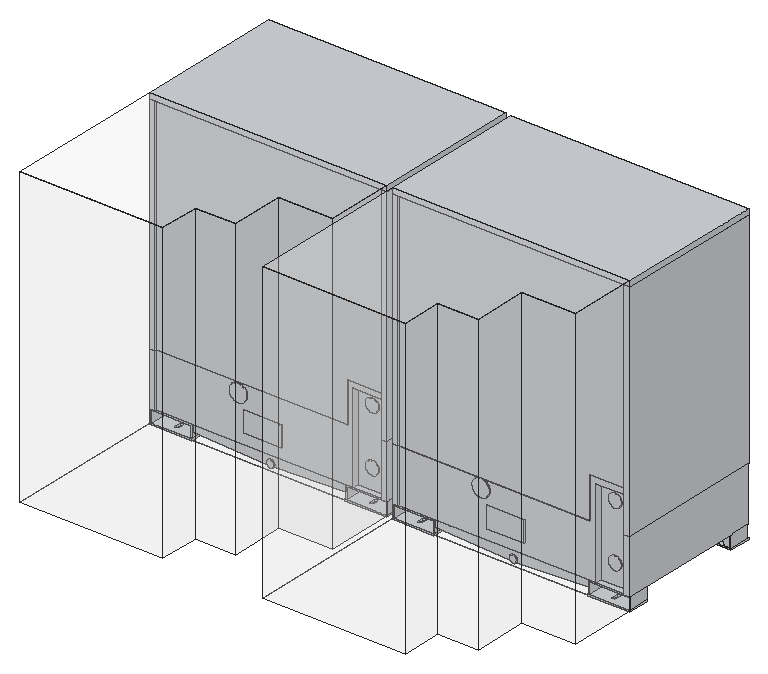
Revit family "pqry-p224_1000(s)dmg5_50Hz", category 機械設備, Revit 2019
Family settings
  丸型コネクタ寸法 = 直径を使用
  パーツ タイプ = 標準
  OmniClass 番号 = 23.75.10.24.21.27.27
  OmniClass タイトル = Split System Air Conditioning Units
  作業面ベース = いいえ
  常に垂直 = はい
  ロード時にボイドで切り取り = いいえ
  共有 = いいえ
  部屋計算ポイント = いいえ
Parameters (values of type "PQRY-P670SDMG5")
  音響パワーレベル(dB) = 75.5
  電源種別 = ""
  電源径 = 65.00 mm  # constant formula
  電圧 = 200 V
  電動機出力_送風機 = 0 kW
  電動機出力_圧縮機 = 15.8 kW
  集中コントローラ [instance] = ""
  運転質量 = 360.00 kg
  運転方法 = "冷暖切替"
  質量 = 0.00 kg
  負荷分類 = 1_熱源類
  説明 = "ビル用マルチエアコン 室外ユニット シティマルチWR2 Eeco"
  設計暖房能力 [instance] = 0 kW
  設計冷房能力_顕熱 [instance] = 0 kW
  設計冷房能力 [instance] = 0 kW
  設置方法 = "床置形"
  記号 [instance] = ""
  製造元 = "三菱電機株式会社"
  製品質量 = 350.00 kg
  製品出荷対象 = "国内"
  製品リリース年月 = "2017年8月1日"
  製品グループ = ""
  系統 [instance] = ""
  符号 = "EHP"
  積算_科目 = "1 空気調和設備"
  積算_拾い区分 [instance] = ""
  相 = 3
  盤記号 [instance] = ""
  発停方法 = "付属スイッチ"
  特殊仕様 [instance] = ""
  熱源水量 = 11.52 m³/h
  熱源水管径 = 40.00 mm
  熱源水入口温度_暖房 = 30
  熱源水入口温度_冷房 = 20
  消費電力_暖房 = 13.79 kW
  消費電力_冷房 = 16.34 kW
  消費電力 = if(消費電力_冷房 > 消費電力_暖房, 消費電力_冷房, 消費電力_暖房)  # 16.34 kW
  法定耐用年数 = "15"
  水配管出口径 = 水配管入口径  # 48.60 mm
  水配管入口径 = 48.60 mm  # constant formula
  水熱交換機器　保有水量 = 10
  機械基礎質量 [instance] = 0.00 kg
  機械基礎_W = 0.00 mm
  機械基礎_H = 0.00 mm
  機械基礎_D = 0.00 mm
  機械基礎 [instance] = no
  極数 = 3
  材質 [instance] = ""
  本体マテリアル = none
  最小電線太さ_mm2 = 38
  最大電流値 = 0 A
  暖房能力 = 77.5 kW
  損失水頭_熱源水一次側 = 24000.0 Pa
  推奨ブレーカー容量 = 0 A
  形式 = "マルチパッケージ形 室外機"
  冷媒液管径 = 25.40 mm
  冷媒ガス管径 = 31.75 mm
  ユニット2 = PQRY-P-DMG① : PQRY-P335DMG5
  幹線記号 [instance] = ""
  始動方式 = "直入"
  呼称 = "マルチパッケージ形空気調和機"
  周波数 = 50 Hz
  参照している仕様書等のバージョン = "公共建築工事標準仕様書（機械設備工事編）平成31年度版"
  分類コード = "50053003300020"
  分類グループ = ""
  冷房能力 = 67 kW
  冷媒管長 [instance] = 0.00 mm
  冷媒管径符号 = "Gi"
  冷媒管径 = 100.00 mm  # constant formula
  価格 = 0
  企業コード = "108420"
  付属品 [instance] = ""
  仕様書バージョン = "Version1.0"
  ユニット数 = 2
  ユニット2電源高さ = ユニット1電源高さ  # 216.00 mm
  ユニット2電源幅 = ユニット1電源幅  # 555.00 mm
  ユニット2ダクト左位置 = ユニット1ダクト左位置  # 394.00 mm
  ユニット2ダクト下位置 = ユニット1ダクト下位置  # 89.00 mm
  ユニット2水配管出口高さ = ユニット1水配管出口高さ  # 208.00 mm
  ユニット2水配管出口幅 = ユニット1水配管出口幅  # 77.00 mm
  ユニット2水配管入口高さ = ユニット1水配管入口高さ  # 124.00 mm
  ユニット2水配管入口幅 = ユニット1水配管入口幅  # 77.00 mm
  ユニット2冷媒高圧径 = 19.05 mm
  ユニット2冷媒管高さ = ユニット1冷媒管高さ  # 185.00 mm
  ユニット2冷媒管幅 = ユニット1冷媒管幅  # 463.50 mm
  ユニット2冷媒管奥行き = ユニット1冷媒管奥行き  # 91.00 mm
  ユニット2冷媒低圧径 = 22.20 mm
  ユニット2ドレン高さ = ユニット1ドレン高さ  # 23.00 mm
  ユニット2ドレン幅 = ユニット1ドレン幅  # 435.00 mm
  ユニット2表示 = yes
  ユニット1 = PQRY-P-DMG① : PQRY-P335DMG5
  ユニット1電源高さ = 216.00 mm
  ユニット1電源幅 = 555.00 mm
  ユニット1ダクト左位置 = 394.00 mm
  ユニット1ダクト下位置 = 89.00 mm  # constant formula
  ユニット1水配管出口高さ = 208.00 mm
  ユニット1水配管出口幅 = ユニット1水配管入口幅  # 77.00 mm
  ユニット1水配管入口高さ = 124.00 mm
  ユニット1水配管入口幅 = 77.00 mm
  ユニット1冷媒高圧径 = 19.05 mm
  ユニット1冷媒管高さ = 185.00 mm
  ユニット1冷媒管幅 = 463.50 mm
  ユニット1冷媒管奥行き = 91.00 mm
  ユニット1冷媒低圧径 = 22.20 mm
  ユニット1ドレン高さ = 23.00 mm  # constant formula
  ユニット1ドレン幅 = 435.00 mm
  モデル = "PQRY-P670SDMG5"
  ドレン管径 = 27.20 mm  # constant formula
  ダクト高 = 77 mm  # constant formula
  ダクト幅 = 140 mm  # constant formula
  サービススペース = yes
  ユニット間隔 = 20.00 mm  # constant formula
  コメント [instance] = ""
  Keynote = ""
  Width = 880.00 mm
  Version = ""
  Uniclass2015Version = "Systems v1.9"
  Uniclass2015Title = "Split coil remote air cooled condensing units"
  Uniclass2015Code = "Pr_70_65_03_84"
  URL = "https://www.mitsubishielectric.co.jp/ldg/wink/ssl/displayProduct.do?pid=281546"
  SpecificationReference = ""
  SpecificationDescription = ""
  Revision = ""
  ProductInformation = ""
  OmniClassCode = "23-33 17 13 11"
  MAX風量 = 0 m³/h
  IfcTypeProduct = ""
  IfcProduct = ""
  IfcExportType = "AIRCONDITIONINGUNIT"
  IfcExportAs = "IfcUnitaryEquipmentType"
  Height = 1100.00 mm
  Depth = 550.00 mm
  Clearance Top = 0.00 mm
  Clearance Right = 0.00 mm
  Clearance Left = 0.00 mm
  Clearance Front = 600.00 mm
  Clearance Back = 0.00 mm
  COP = 0
  Author = "三菱電機株式会社"
  APF = 0
Reference planes
  plane 1: z = 0
  plane 2: z = 1100
  plane 3: z = 1100
  plane 4 "中心(正面/背面)": y = 275
  plane 5 "中心(左/右)": x = 1340
  plane 6 "左": x = 0
  plane 7 "正面": y = 0
  plane 8 "背面": y = 550
  plane 9: x = 880
  plane 10: x = 900
  plane 11: x = 1780
  plane 12: y = -150
  plane 13: y = 550
  plane 14: y = -600
  plane 15: x = 0
  plane 16: x = 1780
  plane 17: x = 440
  plane 18: y = 5
  plane 19: y = 4
  plane 20: y = 29
  plane 21: y = 28
  plane 22: x = 1703
  plane 23: x = 803
  plane 24: z = 332
  plane 25: z = 124
  plane 26: z = 124
  plane 27: z = 332
  plane 28: x = 445
  plane 29: x = 1345
  plane 30: z = 23
  plane 31: z = 23
  plane 32: x = 325
  plane 33: x = 1225
  plane 34: z = 216
  plane 35: z = 216
  plane 36: x = 486
  plane 37: x = 346
  plane 38: x = 1386
  plane 39: x = 1246
  plane 40: z = 166
  plane 41: z = 89
  plane 42: z = 166
  plane 43: z = 89
  plane 44: x = 416.5
  plane 45: x = 1316.5
  plane 46: y = 91
  plane 47: y = 91
  plane 48: z = 185
  plane 49: z = 186
  plane 50: z = 185
  plane 51: z = 186
Forms (mm)
  Extrusion 1, solid, detail levels fine
    sketch origin (0, 275, 0) x (1, 0, 0) y (0, 0, 1)
      loop
        circle (803, 332) r 24.3
      loop
        circle (803, 124) r 24.3
    from 246 to 247
  Extrusion 2, solid, visible <- "ユニット2表示", detail levels fine
    sketch origin (0, 275, 0) x (1, 0, 0) y (0, 0, 1)
      loop
        circle (1703, 332) r 24.3
      loop
        circle (1703, 124) r 24.3
    from 246 to 247
  Extrusion 3, solid, detail levels fine
    sketch origin (0, 275, 0) x (1, 0, 0) y (0, 0, 1)
      loop
        circle (445, 23) r 13.6
    from 270 to 271
  Extrusion 4, solid, visible <- "ユニット2表示", detail levels fine
    sketch origin (0, 275, 0) x (1, 0, 0) y (0, 0, 1)
      loop
        circle (1345, 23) r 13.6
    from 270 to 271
  Extrusion 5, solid, visible <- "ユニット2表示", detail levels fine
    sketch origin (0, 275, 0) x (1, 0, 0) y (0, 0, 1)
      loop
        circle (1225, 216) r 32.5
    from 270 to 271
  Extrusion 6, solid, detail levels fine
    sketch origin (0, 275, 0) x (1, 0, 0) y (0, 0, 1)
      loop
        circle (325, 216) r 32.5
    from 270 to 271
  Extrusion 7, solid, visible <- "ユニット2表示", detail levels fine
    sketch origin (0, 275, 0) x (1, 0, 0) y (0, 0, 1)
      loop
        line (1246, 166) -> (1246, 89) -> (1386, 89) -> (1386, 166) -> (1246, 166)
    from 270 to 271
  Extrusion 8, solid, detail levels fine
    sketch origin (0, 275, 0) x (1, 0, 0) y (0, 0, 1)
      loop
        line (346, 89) -> (486, 89) -> (486, 166) -> (346, 166) -> (346, 89)
    from 270 to 271
  Extrusion 9, solid, detail levels fine
    sketch origin (0, 0, 0) x (1, 0, 0) y (0, 1, 0)
      loop
        circle (416.5, 91) r 50
    from 185 to 186
  Extrusion 10, solid, visible <- "ユニット2表示", detail levels fine
    sketch origin (0, 0, 0) x (1, 0, 0) y (0, 1, 0)
      loop
        circle (1316.5, 91) r 50
    from 185 to 186
Dimensions and locks
  "Clearance Top": plane 3 to plane 2
  equal spacing: plane 7 "正面", plane 4 "中心(正面/背面)", plane 8 "背面"
  "Width": plane 6 "左" to plane 9
  "Width": plane 10 to plane 11
  "ユニット間隔": plane 9 to plane 10
  "Clearance Back": plane 13 to plane 8 "背面"
  "Clearance Front": plane 14 to plane 7 "正面"
  "Clearance Left": plane 15 to plane 6 "左"
  "Depth": plane 7 "正面" to plane 8 "背面"
  equal spacing: plane 6 "左", plane 17, plane 9
  equal spacing: plane 10, plane 5 "中心(左/右)", plane 11
  "Clearance Right": plane 11 to plane 16
  "Height": plane 2 to level
  locked: plane 19 to plane 18 at 1
  locked: plane 7 "正面" to plane 18 at 5
  locked: plane 21 to plane 20 at 1
  locked: plane 7 "正面" to plane 20 at 29
  "ユニット2水配管入口幅": plane 11 to plane 22
  "ユニット1水配管入口幅": plane 9 to plane 23
  "ユニット1水配管入口高さ": plane 25 to plane 1
  "ユニット1水配管出口高さ": plane 24 to plane 25
  "ユニット2水配管入口高さ": plane 26 to plane 1
  "ユニット2水配管出口高さ": plane 27 to plane 26
  "ユニット2ドレン高さ": plane 30 to plane 1
  "ユニット1ドレン幅": plane 9 to plane 28
  "ユニット2ドレン幅": plane 11 to plane 29
  "ユニット1ドレン高さ": plane 31 to plane 1
  "ユニット1電源高さ": plane 35 to plane 1
  "ユニット1電源幅": plane 9 to plane 32
  "ユニット2電源高さ": plane 34 to plane 1
  "ユニット2電源幅": plane 11 to plane 33
  "ユニット1ダクト左位置": plane 9 to plane 36
  "ダクト幅": plane 36 to plane 37
  "ユニット2ダクト左位置": plane 11 to plane 38
  "ダクト幅": plane 38 to plane 39
  "ユニット1ダクト下位置": plane 41 to plane 1
  "ダクト高": plane 42 to plane 43
  "ユニット2ダクト下位置": plane 43 to plane 1
  "ダクト高": plane 40 to plane 41
  "ユニット1冷媒管奥行き": plane 7 "正面" to plane 46
  "ユニット2冷媒管奥行き": plane 7 "正面" to plane 47
  "ユニット1冷媒管幅": plane 9 to plane 44
  "ユニット2冷媒管幅": plane 11 to plane 45
  locked: plane 49 to plane 48 at 1
  locked: plane 51 to plane 50 at 1
  "ユニット1冷媒管高さ": plane 48 to plane 1
  "ユニット2冷媒管高さ": plane 50 to plane 1
  "水配管出口径": diameter of Extrusion 1 sketch curve
  "水配管入口径": diameter of Extrusion 1 sketch curve
  "水配管出口径": diameter of Extrusion 2 sketch curve
  "水配管入口径": diameter of Extrusion 2 sketch curve
  "ドレン管径": diameter of Extrusion 3 sketch curve
  "ドレン管径": diameter of Extrusion 4 sketch curve
  "電源径": diameter of Extrusion 6 sketch curve
  "電源径": diameter of Extrusion 5 sketch curve
  "冷媒管径": diameter of Extrusion 9 sketch curve
  "冷媒管径": diameter of Extrusion 10 sketch curve
  aligned and locked: level to plane 1
  aligned and locked: nested 1 to plane 14
  aligned and locked: plane 15 to nested 1
  aligned and locked: plane 1 to nested 1
  aligned and locked: plane 3 to nested 1
  aligned and locked: plane 17 to nested 3
  aligned and locked: plane 5 "中心(左/右)" to nested 2
  aligned and locked: plane 4 "中心(正面/背面)" to nested 3
  aligned and locked: plane 4 "中心(正面/背面)" to nested 2
  aligned and locked: plane 7 "正面" to nested 1
  aligned and locked: plane 9 to nested 1
  aligned and locked: plane 10 to nested 4
  aligned and locked: nested 4 to plane 14
  aligned and locked: plane 16 to nested 4
  aligned and locked: plane 7 "正面" to nested 4
  aligned and locked: plane 3 to nested 4
  aligned and locked: plane 24 to Extrusion 1 sketch curve
  aligned and locked: plane 25 to Extrusion 1 sketch curve
  aligned and locked: plane 23 to Extrusion 1 sketch curve  (x2)
  aligned and locked: Extrusion 1 to plane 20
  aligned and locked: plane 21 to Extrusion 1
  aligned and locked: plane 27 to Extrusion 2 sketch curve
  aligned and locked: plane 22 to Extrusion 2 sketch curve  (x2)
  aligned and locked: plane 26 to Extrusion 2 sketch curve
  aligned and locked: Extrusion 2 to plane 20
  aligned and locked: plane 21 to Extrusion 2
  aligned and locked: plane 28 to Extrusion 3 sketch curve
  aligned and locked: plane 30 to Extrusion 4 sketch curve
  aligned and locked: plane 29 to Extrusion 4 sketch curve
  aligned and locked: Extrusion 4 to plane 18
  aligned and locked: plane 19 to Extrusion 4
  aligned and locked: plane 18 to Extrusion 3
  aligned and locked: plane 19 to Extrusion 3
  aligned and locked: plane 31 to Extrusion 3 sketch curve
  aligned and locked: plane 35 to Extrusion 6 sketch curve
  aligned and locked: plane 32 to Extrusion 6 sketch curve
  aligned and locked: plane 34 to Extrusion 5 sketch curve
  aligned and locked: plane 33 to Extrusion 5 sketch curve
  aligned and locked: Extrusion 6 to plane 18
  aligned and locked: plane 19 to Extrusion 6
  aligned and locked: Extrusion 5 to plane 18
  aligned and locked: plane 19 to Extrusion 5
  aligned and locked: Extrusion 7 sketch curve to plane 42
  aligned and locked: plane 39 to Extrusion 7 sketch curve
  aligned and locked: plane 43 to Extrusion 7 sketch curve
  aligned and locked: Extrusion 7 sketch curve to plane 38
  aligned and locked: Extrusion 7 to plane 18
  aligned and locked: plane 19 to Extrusion 7
  aligned and locked: Extrusion 8 sketch curve to plane 41
  aligned and locked: plane 37 to Extrusion 8 sketch curve
  aligned and locked: plane 40 to Extrusion 8 sketch curve
  aligned and locked: Extrusion 8 sketch curve to plane 36
  aligned and locked: Extrusion 8 to plane 18
  aligned and locked: plane 19 to Extrusion 8
  aligned and locked: plane 46 to Extrusion 9 sketch curve
  aligned and locked: plane 44 to Extrusion 9 sketch curve
  aligned and locked: plane 47 to Extrusion 10 sketch curve
  aligned and locked: plane 45 to Extrusion 10 sketch curve
  aligned and locked: plane 51 to Extrusion 10
  aligned and locked: Extrusion 10 to plane 50
  aligned and locked: plane 49 to Extrusion 9
  aligned and locked: Extrusion 9 to plane 48
Nested families
  nested 1: "サービススペース(pqry-p)" at (440, -300, 550), type "サービススペース(pqry-p)"
    with 表示 yes, Width 880.00 mm, Height 1100.00 mm, Depth 600.00 mm
  nested 2: "PQRY-P-DMG①" at (1340, 275, 0), type <- "ユニット2", ⑥水配管-径 <- "水配管入口径", ⑥水配管-H <- "ユニット2水配管入口高さ", ⑥水配管-W <- "ユニット2水配管出口幅", ⑦水配管-H <- "ユニット2水配管出口高さ", マテリアル1 <- "本体マテリアル", ⑧ドレン-H <- "ユニット2ドレン高さ", ⑧ドレン-W <- "ユニット2ドレン幅", ⑧ドレン-径 <- "ドレン管径", ①-H <- "ユニット2ダクト下位置", ①-W <- "ユニット2ダクト左位置", ①配管用-H <- "ダクト高", ①配管用-W <- "ダクト幅", ③電源-H <- "ユニット2電源高さ", ③電源-W <- "ユニット2電源幅", ③電源-径 <- "電源径", 圧-径 <- "冷媒管径", 低圧-D <- "ユニット2冷媒管奥行き", 低圧-H <- "ユニット2冷媒管高さ", 低圧-径 <- "ユニット2冷媒低圧径", 高圧-D <- "ユニット2冷媒管奥行き", 高圧-H <- "ユニット2冷媒管高さ", 高圧-径 <- "ユニット2冷媒高圧径", ユニット表示 <- "ユニット2表示", type "PQRY-P335DMG5"
    with 高圧-径 19.05 mm, 高圧-W 83.00 mm, 高圧-H 185.00 mm, 高圧-D 91.00 mm, 高 1100.00 mm, 幅 880.00 mm, 奥行 550.00 mm, 圧-径 100.00 mm, 吊りボルト-径 14.00 mm, 吊りボルト-W 721.00 mm, 吊りボルト-D 473.00 mm, 低圧-径 22.20 mm, 低圧-W 422.00 mm, 低圧-H 185.00 mm, 低圧-D 91.00 mm, ユニット表示 yes, マテリアル2 none, マテリアル1 none, ⑧ドレン-径 27.20 mm, ⑧ドレン-W 435.00 mm, ⑧ドレン-H 23.00 mm, ⑦水配管-径 48.60 mm, ⑦水配管-W 77.00 mm, ⑦水配管-H 208.00 mm, ⑥水配管-径 48.60 mm, ⑥水配管-W 77.00 mm, ⑥水配管-H 124.00 mm, ③電源-径 65.00 mm, ③電源-W 555.00 mm, ③電源-H 216.00 mm, ①配管用-W 140.00 mm, ①配管用-H 77.00 mm, ①-W 394.00 mm, ①-H 89.00 mm
  nested 3: "PQRY-P-DMG①" at (440, 275, 0), type <- "ユニット1", ⑥水配管-径 <- "水配管入口径", ⑧ドレン-H <- "ユニット1ドレン高さ", ⑧ドレン-W <- "ユニット1ドレン幅", ⑧ドレン-径 <- "ドレン管径", ⑥水配管-H <- "ユニット1水配管入口高さ", ⑥水配管-W <- "ユニット1水配管入口幅", ⑦水配管-H <- "ユニット1水配管出口高さ", ①-H <- "ユニット1ダクト下位置", ①-W <- "ユニット1ダクト左位置", ①配管用-H <- "ダクト高", ①配管用-W <- "ダクト幅", ③電源-H <- "ユニット1電源高さ", ③電源-W <- "ユニット1電源幅", ③電源-径 <- "電源径", 圧-径 <- "冷媒管径", 低圧-D <- "ユニット1冷媒管奥行き", 低圧-H <- "ユニット1冷媒管高さ", 低圧-径 <- "ユニット1冷媒低圧径", 高圧-D <- "ユニット1冷媒管奥行き", 高圧-H <- "ユニット1冷媒管高さ", 高圧-径 <- "ユニット1冷媒高圧径", マテリアル1 <- "本体マテリアル", type "PQRY-P335DMG5"
    with 高圧-径 19.05 mm, 高圧-W 83.00 mm, 高圧-H 185.00 mm, 高圧-D 91.00 mm, 高 1100.00 mm, 幅 880.00 mm, 奥行 550.00 mm, 圧-径 100.00 mm, 吊りボルト-径 14.00 mm, 吊りボルト-W 721.00 mm, 吊りボルト-D 473.00 mm, 低圧-径 22.20 mm, 低圧-W 422.00 mm, 低圧-H 185.00 mm, 低圧-D 91.00 mm, ユニット表示 yes, マテリアル2 none, マテリアル1 none, ⑧ドレン-径 27.20 mm, ⑧ドレン-W 435.00 mm, ⑧ドレン-H 23.00 mm, ⑦水配管-径 48.60 mm, ⑦水配管-W 77.00 mm, ⑦水配管-H 208.00 mm, ⑥水配管-径 48.60 mm, ⑥水配管-W 77.00 mm, ⑥水配管-H 124.00 mm, ③電源-径 65.00 mm, ③電源-W 555.00 mm, ③電源-H 216.00 mm, ①配管用-W 140.00 mm, ①配管用-H 77.00 mm, ①-W 394.00 mm, ①-H 89.00 mm
  nested 4: "サービススペース(pqry-p)" at (1340, -300, 550), 表示 <- "ユニット2表示", type "サービススペース(pqry-p)"
    with 表示 yes, Width 880.00 mm, Height 1100.00 mm, Depth 600.00 mm
Connectors
  piping at (1316.5, 91, 185), diameter 100, driven by "冷媒管径", driven by "冷媒管径符号"
    settings: on Extrusion 10, index 1, connector inside diameter 609.60 mm, connector length 0.00 mm, flow factor 0, pipe flow 0.0 m³/h, pressure drop 0.0 Pa, fitting loss kfactor 0, connector angle 0.00°, fixture units 0, engagement length 0.00 mm, angle of deflection 0.00°, flow configuration 1, flow direction 2, fitting loss method 4, system type 7, joint type 0, gender type 0, connector reference index -1, connector utility 0, adjustable connector no, is connector primary yes, connector description "Gi"
  piping at (416.5, 91, 185), diameter 100, driven by "冷媒管径", driven by "冷媒管径符号"
    settings: on Extrusion 9, index 2, connector inside diameter 609.60 mm, connector length 0.00 mm, flow factor 0, pipe flow 0.0 m³/h, pressure drop 0.0 Pa, fitting loss kfactor 0, connector angle 0.00°, fixture units 0, engagement length 0.00 mm, angle of deflection 0.00°, flow configuration 1, flow direction 2, fitting loss method 4, system type 7, joint type 0, gender type 0, connector reference index -1, connector utility 0, adjustable connector no, is connector primary no, connector description "Gi"
  electrical at (1225, 4, 216), driven by "極数", driven by "負荷分類", driven by "電圧", driven by "消費電力"
    settings: on Extrusion 5, index 3, voltage 200 V, apparent load 16340 VA, apparent load phase1 0 VA, apparent load phase2 0 VA, apparent load phase3 0 VA, power factor 1, load classification "1_熱源類", number of poles 3, system type 30, power factor state 1, is connector primary yes, connector utility no, sub classification motor no, connector description ""
  electrical at (325, 4, 216), driven by "極数", driven by "負荷分類", driven by "電圧", driven by "消費電力"
    settings: on Extrusion 6, index 4, voltage 200 V, apparent load 16340 VA, apparent load phase1 0 VA, apparent load phase2 0 VA, apparent load phase3 0 VA, power factor 1, load classification "1_熱源類", number of poles 3, system type 30, power factor state 1, is connector primary no, connector utility no, sub classification motor no, connector description ""
  hvac at (1316, 4, 127.5), driven by "ダクト高", driven by "ダクト幅"
    settings: on Extrusion 7, index 5, duct flow 0 m³/h, flow factor 0, pres drop 0.0 Pa, loss coef 0, conn angle 0.00°, conn width 140 mm, conn height 77 mm, conn diameter 609.6 mm, duct sys type 3, conn prof type 1, flow config 1, flow direction 2, loss method 0, conn ref index -1, conn util no, is conn primary yes, conn desc ""
  hvac at (416, 4, 127.5), driven by "ダクト高", driven by "ダクト幅"
    settings: on Extrusion 8, index 6, duct flow 0 m³/h, flow factor 0, pres drop 0.0 Pa, loss coef 0, conn angle 0.00°, conn width 140 mm, conn height 77 mm, conn diameter 609.6 mm, duct sys type 3, conn prof type 1, flow config 1, flow direction 2, loss method 0, conn ref index -1, conn util no, is conn primary no, conn desc ""
  piping at (1345, 4, 23), diameter 27.2, driven by "ドレン管径"
    settings: on Extrusion 4, index 7, connector inside diameter 609.60 mm, connector length 0.00 mm, flow factor 0, pipe flow 0.0 m³/h, pressure drop 0.0 Pa, fitting loss kfactor 0, connector angle 0.00°, fixture units 0, engagement length 0.00 mm, angle of deflection 0.00°, flow configuration 1, flow direction 2, fitting loss method 4, system type 16, joint type 0, gender type 0, connector reference index -1, connector utility 0, adjustable connector no, is connector primary no, connector description ""
  piping at (445, 4, 23), diameter 27.2, driven by "ドレン管径"
    settings: on Extrusion 3, index 8, connector inside diameter 609.60 mm, connector length 0.00 mm, flow factor 0, pipe flow 0.0 m³/h, pressure drop 0.0 Pa, fitting loss kfactor 0, connector angle 0.00°, fixture units 0, engagement length 0.00 mm, angle of deflection 0.00°, flow configuration 1, flow direction 2, fitting loss method 4, system type 16, joint type 0, gender type 0, connector reference index -1, connector utility 0, adjustable connector no, is connector primary no, connector description ""
  piping at (803, 28, 124), diameter 48.6, driven by "水配管入口径", driven by "MAX風量", driven by "損失水頭_熱源水一次側"
    settings: on Extrusion 1, index 9, connector inside diameter 609.60 mm, connector length 0.00 mm, flow factor 0, pipe flow 0.0 m³/h, pressure drop 24000.0 Pa, fitting loss kfactor 0, connector angle 0.00°, fixture units 0, engagement length 0.00 mm, angle of deflection 0.00°, flow configuration 1, flow direction 1, fitting loss method 4, system type 8, joint type 0, gender type 0, connector reference index -1, connector utility 0, adjustable connector no, is connector primary no, connector description ""
  piping at (803, 28, 332), diameter 48.6, driven by "水配管出口径", driven by "MAX風量", driven by "損失水頭_熱源水一次側"
    settings: on Extrusion 1, index 10, connector inside diameter 609.60 mm, connector length 0.00 mm, flow factor 0, pipe flow 0.0 m³/h, pressure drop 24000.0 Pa, fitting loss kfactor 0, connector angle 0.00°, fixture units 0, engagement length 0.00 mm, angle of deflection 0.00°, flow configuration 1, flow direction 2, fitting loss method 4, system type 7, joint type 0, gender type 0, connector reference index -1, connector utility 0, adjustable connector no, is connector primary no, connector description ""
  piping at (1703, 28, 332), diameter 48.6, driven by "水配管出口径", driven by "MAX風量", driven by "損失水頭_熱源水一次側"
    settings: on Extrusion 2, index 11, connector inside diameter 609.60 mm, connector length 0.00 mm, flow factor 0, pipe flow 0.0 m³/h, pressure drop 24000.0 Pa, fitting loss kfactor 0, connector angle 0.00°, fixture units 0, engagement length 0.00 mm, angle of deflection 0.00°, flow configuration 1, flow direction 2, fitting loss method 4, system type 7, joint type 0, gender type 0, connector reference index -1, connector utility 0, adjustable connector no, is connector primary no, connector description ""
  piping at (1703, 28, 124), diameter 48.6, driven by "水配管入口径", driven by "MAX風量", driven by "損失水頭_熱源水一次側"
    settings: on Extrusion 2, index 12, connector inside diameter 609.60 mm, connector length 0.00 mm, flow factor 0, pipe flow 0.0 m³/h, pressure drop 24000.0 Pa, fitting loss kfactor 0, connector angle 0.00°, fixture units 0, engagement length 0.00 mm, angle of deflection 0.00°, flow configuration 1, flow direction 1, fitting loss method 4, system type 8, joint type 0, gender type 0, connector reference index -1, connector utility 0, adjustable connector no, is connector primary no, connector description ""
Definition of nested family "サービススペース(pqry-p)"
  Parameters (values of type "サービススペース")
    表示 [instance] = yes
    Width [instance] = 880.00 mm
    Height [instance] = 500.00 mm
    Depth [instance] = 600.00 mm
  Reference planes
    plane 1 "中心(正面/背面)": y = 0
    plane 2: z = 0
    plane 3 "中心(左/右)": x = 0
    plane 4: y = -300
    plane 5: x = 440
    plane 6: y = 300
    plane 7: x = -440
    plane 8: z = 250
    plane 9: z = -250
    plane 10: y = 50
    plane 11: y = -150
    plane 12: x = 240
    plane 13: x = 90
  Forms (mm)
    Extrusion 1, solid, visible <- "表示"
      sketch origin (-638.939, 0, 72.39) x (1, 0, 0) y (0, 1, 0)
        loop
          line (198.939, 300) -> (198.939, -300) -> (728.939, -300) -> (728.939, -150) -> (878.939, -150) -> (878.939, 50) -> (1078.939, 50) -> (1078.939, 300) -> (198.939, 300)
      from -322.39 to 177.61
  Lines and regions (mm)
    symbolic lines
      curve 1: line (-440, 0, 250) -> (440, 0, 250)
      curve 2: line (-440, 0, -250) -> (-440, 0, 250)
      curve 3: line (440, 0, -250) -> (-440, 0, -250)
      curve 4: line (440, 0, 250) -> (440, 0, -250)
      curve 5: line (0, -300, 250) -> (0, 300, 250)
      curve 6: line (0, -300, -250) -> (0, -300, 250)
      curve 7: line (0, 300, -250) -> (0, -300, -250)
      curve 8: line (0, 300, 250) -> (0, 300, -250)
    symbolic lines, visible <- "表示"
      curve 9: line (-440, 300, 0) -> (440, 300, 0)
      curve 10: line (-440, -300, 0) -> (-440, 300, 0)
      curve 11: line (90, -300, 0) -> (-440, -300, 0)
      curve 12: line (440, 300, 0) -> (440, 50, 0)
      curve 13: line (240, 50, 0) -> (440, 50, 0)
      curve 14: line (240, -150, 0) -> (240, 50, 0)
      curve 15: line (90, -150, 0) -> (240, -150, 0)
      curve 16: line (90, -300, 0) -> (90, -150, 0)
  Dimensions and locks
    equal spacing: plane 7, plane 3 "中心(左/右)", plane 5
    equal spacing: plane 4, plane 1 "中心(正面/背面)", plane 6
    "Depth": plane 4 to plane 6
    "Width": plane 7 to plane 5
    equal spacing: plane 8, plane 2, plane 9
    "Height": plane 8 to plane 9
    locked: plane 10 to plane 6 at 250
    locked: plane 11 to plane 6 at 450
    locked: plane 12 to plane 5 at 200
    locked: plane 13 to plane 5 at 350
    aligned and locked: plane 9 to curve 3
    aligned and locked: plane 7 to curve 2
    aligned and locked: curve 4 to plane 5
    aligned and locked: plane 5 to Extrusion 1
    aligned and locked: Extrusion 1 to plane 7
    aligned and locked: Extrusion 1 to plane 9
    aligned and locked: plane 8 to Extrusion 1
    aligned and locked: plane 9 to curve 7
    aligned and locked: Extrusion 1 sketch curve to plane 10
    aligned and locked: Extrusion 1 sketch curve to plane 12
    aligned and locked: Extrusion 1 sketch curve to plane 13
    aligned and locked: Extrusion 1 sketch curve to plane 11
    aligned and locked: curve 13 to Extrusion 1
    aligned and locked: curve 14 to Extrusion 1
    aligned and locked: curve 15 to Extrusion 1
    aligned and locked: curve 16 to Extrusion 1
  Automatic sketch dimensions
    plane 4 to Extrusion 1 sketch curve = 0.00 mm
    Extrusion 1 sketch curve to plane 7 = 0.00 mm
    plane 6 to Extrusion 1 sketch curve = 0.00 mm
    curve 2 to plane 8 = 0.00 mm
    plane 4 to curve 11 = 0.00 mm
    curve 11 to plane 7 = 0.00 mm
    plane 6 to curve 10 = 0.00 mm
    curve 7 to plane 4 = 0.00 mm
    curve 7 to plane 6 = 0.00 mm
    curve 6 to plane 8 = 0.00 mm
    Extrusion 1 sketch curve to plane 5 = 0.00 mm
    curve 12 to plane 5 = 0.00 mm
Definition of nested family "PQRY-P-DMG①"
  Parameters (values of type "PQRY-P224DMG5")
    高圧-径 [instance] = 15.88 mm
    高圧-W [instance] = 83.00 mm
    高圧-H [instance] = 185.00 mm
    高圧-D [instance] = 91.00 mm
    高 [instance] = 1100.00 mm
    圧-径 [instance] = 100.00 mm
    ⑦水配管-径 [instance] = [⑥水配管-径]  # 52.00 mm
    ⑦水配管-W [instance] = [⑥水配管-W]  # 77.00 mm
    ⑦水配管-H [instance] = 208.00 mm
    ⑥水配管-径 [instance] = 52.00 mm
    ⑥水配管-W [instance] = 77.00 mm
    ⑥水配管-H [instance] = 124.00 mm
    ③電源-径 [instance] = 65.00 mm
    ③電源-W [instance] = 555.00 mm
    ③電源-H [instance] = 216.00 mm
    ユニット表示 [instance] = yes
    幅 [instance] = 880.00 mm
    奥行 [instance] = 550.00 mm
    吊りボルト-径 [instance] = 14.00 mm
    吊りボルト-W [instance] = 721.00 mm
    吊りボルト-D [instance] = 473.00 mm
    低圧-径 [instance] = 19.05 mm
    低圧-W [instance] = 422.00 mm
    低圧-H [instance] = 185.00 mm
    低圧-D [instance] = 91.00 mm
    マテリアル2 [instance] = none
    マテリアル1 [instance] = none
    ⑧ドレン-径 [instance] = 26.00 mm
    ⑧ドレン-W [instance] = 435.00 mm
    ⑧ドレン-H [instance] = 23.00 mm
    ①配管用-W [instance] = 140.00 mm
    ①配管用-H [instance] = 77.00 mm
    ①-W [instance] = 394.00 mm
    ①-H [instance] = 89.00 mm
  Types (4): name
    (no name)
    PQRY-P224DMG5
    PQRY-P280DMG5
    PQRY-P335DMG5
  Reference planes
    plane 1 "中心(正面/背面)": y = 0
    plane 2: z = 0
    plane 3 "中心(左/右)": x = 0
    plane 4: x = 440
    plane 5: x = -440
    plane 6: y = 275
    plane 7: y = -275
    plane 8: z = 1100
    plane 9: z = 250
    plane 10: z = 400
    plane 11: z = 1080
    plane 12: x = 420
    plane 13: x = -420
    plane 14: x = 290
    plane 15: z = 50
    plane 16: y = -246
    plane 17: y = 270
    plane 18: y = -270
    plane 19: y = 236.5
    plane 20: y = -236.5
    plane 21: x = 360.5
    plane 22: x = -360.5
    plane 23: y = 195
    plane 24: y = -195
    plane 25: x = -285
    plane 26: x = 285
    plane 27: z = 23
    plane 28: x = 5
    plane 29: x = -115
    plane 30: z = 216
    plane 31: y = -184
    plane 32: x = 18
    plane 33: x = -65
    plane 34: z = 185
    plane 35: z = 285
    plane 36: y = 271
    plane 37: y = -271
    plane 38: y = -274
    plane 39: y = -247
    plane 40: x = 363
    plane 41: z = 124
    plane 42: z = 332
    plane 43: x = 18
    plane 44: z = 216
    plane 45: x = 46
    plane 46: x = -94
    plane 47: z = 89
    plane 48: z = 166
    plane 49: x = -23.5
  Forms (mm)
    Extrusion 1, solid, material <- "マテリアル2", visible <- "ユニット表示", detail levels fine
      sketch origin (0, 0, 0) x (1, 0, 0) y (0, 1, 0)
        loop
          line (-440, 275) -> (-440, -275) -> (-420, -275) -> (-420, 275) -> (-440, 275)
        loop
          line (420, 275) -> (420, -275) -> (440, -275) -> (440, 275) -> (420, 275)
      from 50 to 250
    Extrusion 2, solid, material <- "マテリアル2", visible <- "ユニット表示", detail levels fine
      sketch origin (0, 0, 0) x (1, 0, 0) y (0, 1, 0)
        loop
          line (-420, -270) -> (290, -270) -> (290, 0) -> (420, 0) -> (420, 270) -> (-420, 270) -> (-420, -270)
      from 50 to 250
    Extrusion 3, solid, material <- "マテリアル2", visible <- "ユニット表示", detail levels fine
      sketch origin (0, 0, 0) x (1, 0, 0) y (0, 0, 1)
        loop
          line (420, 50) -> (420, 380) -> (310, 380) -> (310, 50) -> (420, 50)
      from 0 to 246
    Extrusion 4, solid, material <- "マテリアル1", visible <- "ユニット表示", detail levels fine
      sketch origin (-1437.329, -1524, 250) x (-1, 0, 0) y (0, -1, 0)
        loop
          line (-1017.329, -1794) -> (-1017.329, -1254) -> (-1727.329, -1254) -> (-1727.329, -1524) -> (-1857.329, -1524) -> (-1857.329, -1794) -> (-1017.329, -1794)
      from 0 to 150
    Extrusion 5, solid, material <- "マテリアル1", visible <- "ユニット表示", detail levels fine
      sketch origin (-1437.329, -1524, 250) x (-1, 0, 0) y (0, -1, 0)
        loop
          line (-1857.329, -1799) -> (-1857.329, -1249) -> (-1877.329, -1249) -> (-1877.329, -1799) -> (-1857.329, -1799)
        loop
          line (-997.329, -1799) -> (-997.329, -1249) -> (-1017.329, -1249) -> (-1017.329, -1799) -> (-997.329, -1799)
      from 0 to 830
    Extrusion 6, solid, material <- "マテリアル1", visible <- "ユニット表示", detail levels fine
      sketch origin (-1437.329, -1524, 250) x (-1, 0, 0) y (0, -1, 0)
        loop
          line (-1017.329, -1794) -> (-1017.329, -1254) -> (-1857.329, -1254) -> (-1857.329, -1794) -> (-1017.329, -1794)
      from 150 to 830
    Extrusion 7, solid, material <- "マテリアル2", visible <- "ユニット表示", detail levels fine
      sketch origin (0, 0, 0) x (1, 0, 0) y (0, 0, 1)
        loop
          line (290, 400) -> (290, 50) -> (310, 50) -> (310, 380) -> (420, 380) -> (420, 400) -> (290, 400)
      from 0 to 270
    Extrusion 8, solid, material <- "マテリアル1", visible <- "ユニット表示", detail levels fine
      sketch origin (-1437.329, -1524, 250) x (-1, 0, 0) y (0, -1, 0)
        loop
          line (-997.329, -1799) -> (-997.329, -1249) -> (-1877.329, -1249) -> (-1877.329, -1799) -> (-997.329, -1799)
      from 830 to 850
    Extrusion 9, solid, material <- "マテリアル2", visible <- "ユニット表示", detail levels fine
      sketch origin (0, 0, 0) x (1, 0, 0) y (0, 1, 0)
        loop
          line (-440, 275) -> (-440, 195) -> (-285, 195) -> (-285, 275) -> (-440, 275)
        loop
          line (440, 275) -> (285, 275) -> (285, 195) -> (440, 195) -> (440, 275)
        loop
          line (285, -195) -> (285, -275) -> (440, -275) -> (440, -195) -> (285, -195)
        loop
          line (-440, -195) -> (-440, -275) -> (-285, -275) -> (-285, -195) -> (-440, -195)
        loop
          arc (-353.5, 245) -> (-360.5, 252) -> (-367.5, 245) r 7
          line (-367.5, 245) -> (-367.5, 228)
          arc (-367.5, 228) -> (-360.5, 221) -> (-353.5, 228) r 7
          line (-353.5, 228) -> (-353.5, 245)
        loop
          line (353.5, 245) -> (353.5, 228)
          arc (353.5, 228) -> (360.5, 221) -> (367.5, 228) r 7
          line (367.5, 228) -> (367.5, 245)
          arc (367.5, 245) -> (360.5, 252) -> (353.5, 245) r 7
        loop
          arc (353.5, -245) -> (360.5, -252) -> (367.5, -245) r 7
          line (367.5, -245) -> (367.5, -228)
          arc (367.5, -228) -> (360.5, -221) -> (353.5, -228) r 7
          line (353.5, -228) -> (353.5, -245)
        loop
          line (-353.5, -245) -> (-353.5, -228)
          arc (-353.5, -228) -> (-360.5, -221) -> (-367.5, -228) r 7
          line (-367.5, -228) -> (-367.5, -245)
          arc (-367.5, -245) -> (-360.5, -252) -> (-353.5, -245) r 7
      from 0 to 5
    Extrusion 10, solid, material <- "マテリアル2", visible <- "ユニット表示", detail levels fine
      sketch origin (0, 0, 0) x (1, 0, 0) y (0, 0, 1)
        loop
          line (285, 50) -> (285, 5) -> (290, 5) -> (290, 45) -> (435, 45) -> (435, 5) -> (440, 5) -> (440, 50) -> (285, 50)
      from 195 to 270
    Extrusion 11, solid, material <- "マテリアル2", visible <- "ユニット表示", detail levels fine
      sketch origin (0, 0, 0) x (1, 0, 0) y (0, 0, 1)
        loop
          line (290, 45) -> (290, 5) -> (310, 5) -> (310, 10)
          arc (310, 10) -> (314.393, 20.607) -> (325, 25) r 15
          line (325, 25) -> (400, 25)
          arc (400, 25) -> (410.607, 20.607) -> (415, 10) r 15
          line (415, 10) -> (415, 5) -> (435, 5) -> (435, 45) -> (290, 45)
      from 195 to 200
    Extrusion 12, solid, material <- "マテリアル2", visible <- "ユニット表示", detail levels fine
      sketch origin (0, 0, 0) x (1, 0, 0) y (0, 0, -1)
        loop
          line (285, -50) -> (440, -50) -> (440, -5) -> (435, -5) -> (435, -45) -> (290, -45) -> (290, -5) -> (285, -5) -> (285, -50)
      from 195 to 270
    Extrusion 13, solid, material <- "マテリアル2", visible <- "ユニット表示", detail levels fine
      sketch origin (0, 0, 0) x (1, 0, 0) y (0, 0, -1)
        loop
          line (290, -45) -> (435, -45) -> (435, -5) -> (415, -5) -> (415, -10)
          arc (415, -10) -> (410.607, -20.607) -> (400, -25) r 15
          line (400, -25) -> (325, -25)
          arc (325, -25) -> (314.393, -20.607) -> (310, -10) r 15
          line (310, -10) -> (310, -5) -> (290, -5) -> (290, -45)
      from 195 to 200
    Extrusion 14, solid, material <- "マテリアル2", visible <- "ユニット表示", detail levels fine
      sketch origin (0, 0, 0) x (-1, 0, 0) y (0, 0, 1)
        loop
          line (285, 50) -> (285, 5) -> (290, 5) -> (290, 45) -> (435, 45) -> (435, 5) -> (440, 5) -> (440, 50) -> (285, 50)
      from 195 to 270
    Extrusion 15, solid, material <- "マテリアル2", visible <- "ユニット表示", detail levels fine
      sketch origin (0, 0, 0) x (-1, 0, 0) y (0, 0, 1)
        loop
          line (290, 45) -> (290, 5) -> (310, 5) -> (310, 10)
          arc (310, 10) -> (314.393, 20.607) -> (325, 25) r 15
          line (325, 25) -> (400, 25)
          arc (400, 25) -> (410.607, 20.607) -> (415, 10) r 15
          line (415, 10) -> (415, 5) -> (435, 5) -> (435, 45) -> (290, 45)
      from 195 to 200
    Extrusion 16, solid, material <- "マテリアル2", visible <- "ユニット表示", detail levels fine
      sketch origin (0, 0, 0) x (-1, 0, 0) y (0, 0, -1)
        loop
          line (285, -50) -> (440, -50) -> (440, -5) -> (435, -5) -> (435, -45) -> (290, -45) -> (290, -5) -> (285, -5) -> (285, -50)
      from 195 to 270
    Extrusion 17, solid, material <- "マテリアル2", visible <- "ユニット表示", detail levels fine
      sketch origin (0, 0, 0) x (-1, 0, 0) y (0, 0, -1)
        loop
          line (290, -45) -> (435, -45) -> (435, -5) -> (415, -5) -> (415, -10)
          arc (415, -10) -> (410.607, -20.607) -> (400, -25) r 15
          line (400, -25) -> (325, -25)
          arc (325, -25) -> (314.393, -20.607) -> (310, -10) r 15
          line (310, -10) -> (310, -5) -> (290, -5) -> (290, -45)
      from 195 to 200
    Extrusion 18, solid, material <- "マテリアル2", visible <- "ユニット表示", detail levels fine
      sketch origin (0, 0, 0) x (1, 0, 0) y (0, 0, 1)
        loop
          line (-285, 50) -> (-285, 27.5) -> (-7.068, 14.091)
          arc (-7.068, 14.091) -> (5.306, 8.003) -> (17.421, 14.59) r 15
          line (17.421, 14.59) -> (285, 27.5) -> (285, 50) -> (-285, 50)
      from -270 to 270
    Extrusion 19, solid, material <- "マテリアル1", visible <- "ユニット表示", detail levels fine
      sketch origin (0, 0, 0) x (1, 0, 0) y (0, 0, 1)
        loop
          circle (-115, 216) r 32.5
      from 270 to 271
    Extrusion 20, solid, material <- "マテリアル1", visible <- "ユニット表示", detail levels fine
      sketch origin (0, 0, 0) x (1, 0, 0) y (0, 1, 0)
        loop
          circle (-65, -184) r 7.94
        loop
          circle (18, -184) r 9.525
      from 185 to 285
    Extrusion 21, solid, material <- "マテリアル1", visible <- "ユニット表示", detail levels fine
      sketch origin (0, 0, 0) x (1, 0, 0) y (0, 0, 1)
        loop
          circle (5, 23) r 13
      from 270 to 271
    Extrusion 22, solid, material <- "マテリアル1", visible <- "ユニット表示", detail levels fine
      sketch origin (0, 0, 0) x (1, 0, 0) y (0, 0, -1)
        loop
          circle (5, -23) r 13
      from 270 to 271
    Extrusion 23, solid, material <- "マテリアル1", visible <- "ユニット表示", detail levels fine
      sketch origin (0, 0, 0) x (1, 0, 0) y (0, 0, 1)
        loop
          circle (363, 332) r 26
        loop
          circle (363, 124) r 26
      from 246 to 247
    Extrusion 24, solid, material <- "マテリアル1", visible <- "ユニット表示", detail levels fine
      sketch origin (0, 0, 0) x (1, 0, 0) y (0, 0, 1)
        loop
          line (-94, 166) -> (-94, 89) -> (46, 89) -> (46, 166) -> (-94, 166)
      from 270 to 271
    Extrusion 25, solid, material <- "マテリアル1", visible <- "ユニット表示", detail levels fine
      sketch origin (0, 0, 0) x (1, 0, 0) y (0, 1, 0)
        loop
          circle (-23.5, -184) r 50
      from 185 to 285
  Cuts and joins
    joined: Extrusion 4, Extrusion 6
    joined: Extrusion 2, Extrusion 3, Extrusion 7
  Lines and regions (mm)
    Masking region 1, visible <- "ユニット表示", detail levels coarse+medium
      outline origin (0, 0, 0) x (1, 0, 0) y (0, 1, 0)
        loop
          line (-440, 275) -> (-440, -275) -> (440, -275) -> (440, 275) -> (-440, 275)
    symbolic lines, visible <- "ユニット表示"
      curve 1: line (-440, 275, 0) -> (440, 275, 0)
      curve 2: line (-440, -275, 0) -> (-440, 275, 0)
      curve 3: line (440, -275, 0) -> (-440, -275, 0)
      curve 4: line (440, 275, 0) -> (440, -275, 0)
  Dimensions and locks
    "高": plane 8 to level
    equal spacing: plane 7, plane 1 "中心(正面/背面)", plane 6
    "奥行": plane 7 to plane 6
    equal spacing: plane 5, plane 3 "中心(左/右)", plane 4
    "幅": plane 5 to plane 4
    locked: plane 9 to level at 250
    locked: plane 10 to plane 9 at 150
    locked: plane 12 to plane 4 at 20
    locked: plane 5 to plane 13 at 20
    locked: plane 8 to plane 11 at 20
    locked: plane 14 to plane 4 at 150
    locked: plane 15 to level at 50
    locked: plane 7 to plane 16 at 29
    locked: plane 7 to plane 18 at 5
    locked: plane 17 to plane 6 at 5
    equal spacing: plane 20, plane 1 "中心(正面/背面)", plane 19
    "吊りボルト-D": plane 20 to plane 19
    equal spacing: plane 22, plane 3 "中心(左/右)", plane 21
    "吊りボルト-W": plane 22 to plane 21
    locked: plane 26 to plane 4 at 155
    locked: plane 5 to plane 25 at 155
    locked: plane 23 to plane 6 at 80
    locked: plane 7 to plane 24 at 80
    "⑧ドレン-H": plane 27 to level
    "⑧ドレン-W": plane 4 to plane 28
    "③電源-H": plane 30 to level
    "③電源-W": plane 4 to plane 29
    "高圧-D": plane 7 to plane 31
    "低圧-W": plane 4 to plane 32
    "高圧-W": plane 32 to plane 33
    locked: plane 35 to plane 34 at 100
    "高圧-H": plane 34 to level
    locked: plane 37 to plane 18 at 1
    locked: plane 17 to plane 36 at 1
    locked: plane 7 to plane 38 at 1
    locked: plane 39 to plane 16 at 1
    "⑦水配管-H": plane 42 to plane 41
    "⑥水配管-H": plane 41 to level
    "⑥水配管-W": plane 4 to plane 40
    plane 44 to level = 216.00 mm
    plane 4 to plane 43 = 422.00 mm
    "①-W": plane 4 to plane 45
    "①配管用-W": plane 45 to plane 46
    "①-H": plane 47 to level
    "①配管用-H": plane 48 to plane 47
    equal spacing: plane 33, plane 49, plane 43
    "③電源-径": diameter of Extrusion 19 sketch curve
    "高圧-径": diameter of Extrusion 20 sketch curve
    "低圧-径": diameter of Extrusion 20 sketch curve
    radius of Extrusion 18 sketch curve = 15.00 mm
    "⑧ドレン-径": diameter of Extrusion 21 sketch curve
    "⑧ドレン-径": diameter of Extrusion 22 sketch curve
    "⑦水配管-径": diameter of Extrusion 23 sketch curve
    "⑥水配管-径": diameter of Extrusion 23 sketch curve
    "圧-径": diameter of Extrusion 25 sketch curve
    aligned and locked: level to plane 2
    aligned and locked: plane 6 to Extrusion 1 sketch curve  (x2)
    aligned and locked: plane 5 to Extrusion 1 sketch curve
    aligned and locked: Extrusion 1 sketch curve to plane 7  (x2)
    aligned and locked: Extrusion 1 sketch curve to plane 13
    aligned and locked: plane 12 to Extrusion 1 sketch curve
    aligned and locked: Extrusion 1 sketch curve to plane 4
    aligned and locked: Extrusion 1 to Extrusion 2 sketch curve  (x2)
    aligned and locked: Extrusion 2 sketch curve to plane 14
    aligned and locked: Extrusion 2 sketch curve to plane 1 "中心(正面/背面)"
    aligned and locked: Extrusion 2 to plane 15
    aligned and locked: Extrusion 1 to plane 15
    aligned and locked: Extrusion 3 sketch curve to Extrusion 2
    aligned and locked: Extrusion 3 sketch curve to Extrusion 1
    aligned and locked: Extrusion 3 to plane 1 "中心(正面/背面)"
    aligned and locked: plane 9 to Extrusion 2
    aligned and locked: plane 9 to Extrusion 1
    aligned and locked: Extrusion 1 to Extrusion 4 sketch curve
    aligned and locked: Extrusion 4 sketch curve to Extrusion 2
    aligned and locked: Extrusion 5 sketch curve to Extrusion 1  (x6)
    aligned and locked: plane 11 to Extrusion 5
    aligned and locked: Extrusion 5 to plane 9
    aligned and locked: plane 10 to Extrusion 4
    aligned and locked: Extrusion 4 to plane 9
    aligned and locked: Extrusion 4 sketch curve to plane 14
    aligned and locked: Extrusion 4 sketch curve to plane 1 "中心(正面/背面)"
    aligned and locked: Extrusion 1 to Extrusion 6 sketch curve  (x2)
    aligned and locked: plane 11 to Extrusion 6
    aligned and locked: Extrusion 6 to plane 10
    aligned and locked: plane 16 to Extrusion 3
    aligned and locked: Extrusion 7 sketch curve to cut or joined group of Extrusion 4, Extrusion 6
    aligned and locked: Extrusion 7 sketch curve to Extrusion 2
    aligned and locked: Extrusion 7 sketch curve to Extrusion 3  (x2)
    aligned and locked: cut or joined group of Extrusion 4, Extrusion 6 to Extrusion 7 sketch curve
    aligned and locked: Extrusion 2 to Extrusion 7 sketch curve
    aligned and locked: Extrusion 7 to plane 1 "中心(正面/背面)"
    aligned and locked: Extrusion 8 sketch curve to Extrusion 1  (x4)
    aligned and locked: Extrusion 8 to plane 11
    aligned and locked: plane 8 to Extrusion 8
    aligned and locked: Extrusion 2 sketch curve to plane 17
    aligned and locked: Extrusion 2 sketch curve to plane 18
    aligned and locked: plane 17 to Extrusion 4 sketch curve
    aligned and locked: Extrusion 4 sketch curve to plane 18
    aligned and locked: plane 17 to Extrusion 6 sketch curve
    aligned and locked: Extrusion 6 sketch curve to plane 18
    aligned and locked: plane 18 to cut or joined group of Extrusion 2, Extrusion 3, Extrusion 7
    aligned and locked: Extrusion 9 sketch curve to Extrusion 8  (x3)
    aligned and locked: Extrusion 9 sketch curve to Extrusion 1  (x2)
    aligned and locked: Extrusion 9 sketch curve to plane 23
    aligned and locked: Extrusion 9 sketch curve to plane 25  (x2)
    aligned and locked: Extrusion 1 to Extrusion 9 sketch curve
    aligned and locked: plane 23 to Extrusion 9 sketch curve
    aligned and locked: Extrusion 9 sketch curve to plane 26
    aligned and locked: plane 24 to Extrusion 9 sketch curve  (x2)
    aligned and locked: plane 26 to Extrusion 9 sketch curve
    aligned and locked: plane 5 to Extrusion 9 sketch curve
    aligned and locked: Extrusion 9 sketch curve to plane 7
    aligned and locked: Extrusion 9 to level
    aligned and locked: Extrusion 10 sketch curve to plane 15
    aligned and locked: plane 26 to Extrusion 10 sketch curve
    aligned and locked: Extrusion 10 sketch curve to Extrusion 9  (x2)
    aligned and locked: Extrusion 10 to plane 24
    aligned and locked: cut or joined group of Extrusion 4, Extrusion 6 to Extrusion 10
    aligned and locked: Extrusion 11 sketch curve to Extrusion 10  (x4)
    aligned and locked: Extrusion 11 to plane 24
    aligned and locked: Extrusion 13 sketch curve to Extrusion 12
    aligned and locked: Extrusion 12 to Extrusion 13 sketch curve  (x3)
    aligned and locked: Extrusion 15 sketch curve to Extrusion 14
    aligned and locked: Extrusion 14 to Extrusion 15 sketch curve  (x3)
    aligned and locked: Extrusion 17 sketch curve to Extrusion 16
    aligned and locked: Extrusion 16 to Extrusion 17 sketch curve  (x3)
    aligned and locked: Extrusion 18 sketch curve to plane 15
    aligned and locked: Extrusion 18 sketch curve to plane 26
    aligned and locked: Extrusion 18 sketch curve to plane 25
    aligned and locked: Extrusion 18 to plane 17
    aligned and locked: plane 18 to Extrusion 18
    aligned and locked: plane 30 to Extrusion 19 sketch curve
    aligned and locked: plane 29 to Extrusion 19 sketch curve
    aligned and locked: Extrusion 19 to plane 18
    aligned and locked: plane 33 to Extrusion 20 sketch curve
    aligned and locked: plane 31 to Extrusion 20 sketch curve  (x2)
    aligned and locked: plane 32 to Extrusion 20 sketch curve
    aligned and locked: Extrusion 20 to plane 34
    aligned and locked: plane 35 to Extrusion 20
    aligned and locked: plane 20 to nested 1
    aligned and locked: plane 21 to nested 1
    aligned and locked: plane 22 to nested 1
    aligned and locked: nested 1 to plane 19
    aligned and locked: Masking region 1 sketch curve to Extrusion 8  (x2)
    aligned and locked: Masking region 1 sketch curve to Extrusion 1  (x2)
    aligned and locked: curve 1 to Extrusion 8
    aligned and locked: curve 2 to Extrusion 1
    aligned and locked: curve 3 to Extrusion 8
    aligned and locked: curve 4 to Extrusion 1
    aligned and locked: plane 27 to Extrusion 18 sketch curve
    aligned and locked: plane 28 to Extrusion 18 sketch curve
    aligned and locked: plane 27 to Extrusion 21 sketch curve
    aligned and locked: plane 28 to Extrusion 21 sketch curve
    aligned and locked: plane 37 to Extrusion 21
    aligned and locked: Extrusion 21 to cut or joined group of Extrusion 4, Extrusion 6
    aligned and locked: Extrusion 22 to plane 36
    aligned and locked: Extrusion 22 to cut or joined group of Extrusion 4, Extrusion 6
    aligned and locked: plane 27 to Extrusion 22 sketch curve
    aligned and locked: plane 28 to Extrusion 22 sketch curve
    aligned and locked: plane 41 to Extrusion 23 sketch curve
    aligned and locked: plane 40 to Extrusion 23 sketch curve  (x2)
    aligned and locked: plane 42 to Extrusion 23 sketch curve
    aligned and locked: plane 39 to Extrusion 23
    aligned and locked: Extrusion 23 to plane 16
    aligned and locked: plane 37 to Extrusion 19
    aligned and locked: Extrusion 24 sketch curve to plane 48
    aligned and locked: plane 46 to Extrusion 24 sketch curve
    aligned and locked: plane 47 to Extrusion 24 sketch curve
    aligned and locked: Extrusion 24 sketch curve to plane 45
    aligned and locked: Extrusion 19 to Extrusion 24
    aligned and locked: Extrusion 24 to cut or joined group of Extrusion 4, Extrusion 6
    aligned and locked: plane 31 to Extrusion 25 sketch curve
    aligned and locked: plane 49 to Extrusion 25 sketch curve
    aligned and locked: Extrusion 25 to plane 34
    aligned and locked: plane 35 to Extrusion 25
  Automatic sketch dimensions
    plane 14 to Extrusion 3 sketch curve = 20.00 mm
    Extrusion 3 sketch curve to plane 10 = 20.00 mm
    plane 6 to Extrusion 5 sketch curve = 0.00 mm
    plane 7 to Extrusion 5 sketch curve = 0.00 mm
    Extrusion 9 sketch curve to plane 22 = 0.00 mm  (x2)
    Extrusion 9 sketch curve to plane 21 = 0.00 mm  (x2)
    Extrusion 9 sketch curve to plane 16 = 1.00 mm  (x2)
    Extrusion 9 sketch curve to plane 22 = 7.00 mm  (x2)
    Extrusion 9 sketch curve to plane 21 = 7.00 mm  (x2)
    Extrusion 9 sketch curve to plane 20 = 8.50 mm  (x2)
    plane 19 to Extrusion 9 sketch curve = 8.50 mm  (x2)
    Extrusion 9 sketch curve to plane 19 = 8.50 mm  (x2)
    Extrusion 10 sketch curve to plane 14 = 0.00 mm
    Extrusion 10 sketch curve to plane 4 = 5.00 mm
    level to Extrusion 10 sketch curve = 5.00 mm
    Extrusion 10 sketch curve to plane 15 = 5.00 mm
    level to Extrusion 11 sketch curve = 5.00 mm
    plane 14 to Extrusion 11 sketch curve = 20.00 mm
    plane 27 to Extrusion 11 sketch curve = 2.00 mm
    Extrusion 11 sketch curve to Extrusion 11 sketch curve = 15.00 mm
    Extrusion 11 sketch curve to plane 12 = 20.00 mm
    Extrusion 11 sketch curve to plane 12 = 5.00 mm
    Extrusion 12 sketch curve to plane 15 = 0.00 mm
    Extrusion 12 sketch curve to plane 26 = 0.00 mm
    Extrusion 12 sketch curve to plane 14 = 0.00 mm
    Extrusion 12 sketch curve to plane 4 = 0.00 mm
    Extrusion 12 sketch curve to plane 4 = 5.00 mm
    Extrusion 12 sketch curve to plane 15 = 5.00 mm
    level to Extrusion 12 sketch curve = 5.00 mm  (x2)
    level to Extrusion 13 sketch curve = 5.00 mm
    plane 14 to Extrusion 13 sketch curve = 20.00 mm
    plane 27 to Extrusion 13 sketch curve = 2.00 mm
    Extrusion 13 sketch curve to Extrusion 13 sketch curve = 15.00 mm
    Extrusion 13 sketch curve to plane 12 = 20.00 mm
    Extrusion 13 sketch curve to plane 12 = 5.00 mm
    Extrusion 14 sketch curve to plane 15 = 0.00 mm
    Extrusion 14 sketch curve to plane 25 = 0.00 mm
    Extrusion 14 sketch curve to plane 5 = 0.00 mm
    Extrusion 14 sketch curve to plane 25 = 5.00 mm
    plane 5 to Extrusion 14 sketch curve = 5.00 mm
    Extrusion 14 sketch curve to plane 15 = 5.00 mm
    level to Extrusion 14 sketch curve = 5.00 mm  (x2)
    level to Extrusion 15 sketch curve = 5.00 mm
    Extrusion 15 sketch curve to Extrusion 15 sketch curve = 20.00 mm
    plane 27 to Extrusion 15 sketch curve = 2.00 mm
    Extrusion 15 sketch curve to Extrusion 15 sketch curve = 15.00 mm
    plane 13 to Extrusion 15 sketch curve = 20.00 mm
    plane 13 to Extrusion 15 sketch curve = 5.00 mm
    Extrusion 16 sketch curve to plane 15 = 0.00 mm
    Extrusion 16 sketch curve to plane 25 = 0.00 mm
    Extrusion 16 sketch curve to plane 5 = 0.00 mm
    Extrusion 16 sketch curve to plane 25 = 5.00 mm
    plane 5 to Extrusion 16 sketch curve = 5.00 mm
    Extrusion 16 sketch curve to plane 15 = 5.00 mm
    level to Extrusion 16 sketch curve = 5.00 mm  (x2)
    level to Extrusion 17 sketch curve = 5.00 mm
    Extrusion 17 sketch curve to Extrusion 17 sketch curve = 20.00 mm
    plane 27 to Extrusion 17 sketch curve = 2.00 mm
    Extrusion 17 sketch curve to Extrusion 17 sketch curve = 15.00 mm
    plane 13 to Extrusion 17 sketch curve = 20.00 mm
    plane 13 to Extrusion 17 sketch curve = 5.00 mm
    Extrusion 18 sketch curve to plane 3 "中心(左/右)" = 7.068 mm
    Extrusion 18 sketch curve to plane 32 = 0.579 mm
    plane 27 to Extrusion 18 sketch curve = 4.50 mm  (x2)
  Nested families
    nested 1: "固定点" at (-360.5, -236.5, 0), visible <- "ユニット表示", type "固定点", detail levels fine
      with W 721.00 mm, D 473.00 mm, 中心円 14.00 mm
  Definition of nested family "固定点"
    Parameters (values of type "固定点")
      中心円 = 20.00 mm
      W [instance] = 1000.00 mm
      D [instance] = 1000.00 mm
    Reference planes
      plane 1 "中心(正面/背面)": y = 0
      plane 2: z = 0
      plane 3 "中心(左/右)": x = 0
      plane 4: x = 1000
      plane 5: y = 1000
    Lines and regions (mm)
      symbolic lines, detail levels fine
        curve 1: circle (0, 1000, 0) r 10 normal (0, 0, 1)
        curve 2: circle (0, 0, 0) r 10 normal (0, 0, 1)
        curve 3: circle (1000, 1000, 0) r 10 normal (0, 0, 1)
        curve 4: circle (1000, 0, 0) r 10 normal (0, 0, 1)
        curve 5: line (-200, 1000, 0) -> (1200, 1000, 0)
        curve 6: line (-200, 0, 0) -> (1200, 0, 0)
        curve 7: line (0, 1200, 0) -> (0, -200, 0)
        curve 8: line (1000, 1200, 0) -> (1000, -200, 0)
    Dimensions and locks
      "W": plane 3 "中心(左/右)" to plane 4
      "D": plane 1 "中心(正面/背面)" to plane 5
      "中心円": diameter of curve 1
      "中心円": diameter of curve 2
      "中心円": diameter of curve 3
      "中心円": diameter of curve 4
      aligned and locked: level to plane 2
      aligned and locked: plane 5 to curve 1
      aligned and locked: plane 3 "中心(左/右)" to curve 1
      aligned and locked: plane 3 "中心(左/右)" to curve 2
      aligned and locked: plane 1 "中心(正面/背面)" to curve 2
      aligned and locked: plane 4 to curve 3
      aligned and locked: plane 5 to curve 3
      aligned and locked: plane 1 "中心(正面/背面)" to curve 4
      aligned and locked: plane 4 to curve 4
      aligned and locked: plane 1 "中心(正面/背面)" to curve 6
      aligned and locked: curve 7 to plane 3 "中心(左/右)"
      aligned and locked: curve 8 to plane 4
    Automatic sketch dimensions
      curve 5 to plane 5 = 0.00 mm
      curve 6 to plane 3 "中心(左/右)" = 200.00 mm
      curve 5 to plane 3 "中心(左/右)" = 200.00 mm
      curve 4 to curve 6 = 200.00 mm
      curve 3 to curve 5 = 200.00 mm
      plane 1 "中心(正面/背面)" to curve 8 = 200.00 mm
      plane 1 "中心(正面/背面)" to curve 7 = 200.00 mm
      curve 3 to curve 8 = 200.00 mm
      curve 1 to curve 7 = 200.00 mm
Types (21, lengths in mm): name | 音響パワーレベル(dB) | 電動機出力_圧縮機 | 運転質量 | 製品質量 | 熱源水量 | 消費電力_暖房 | 消費電力_冷房 | 消費電力 | 水熱交換機器　保有水量 | 最小電線太さ_mm2 | 暖房能力 | 損失水頭_熱源水一次側 | 推奨ブレーカー容量 | 冷媒液管径 | 冷媒ガス管径 | ユニット2 | 冷房能力 | 冷媒管径符号 | ユニット数 | ユニット2電源幅 | ユニット2ダクト左位置 | ユニット2水配管出口高さ | ユニット2水配管出口幅 | ユニット2水配管入口高さ | ユニット2水配管入口幅 | ユニット2冷媒高圧径 | ユニット2冷媒管高さ | ユニット2冷媒管幅 | ユニット2冷媒管奥行き | ユニット2冷媒低圧径 | ユニット2ドレン幅 | ユニット2表示 | ユニット1 | ユニット1電源幅 | ユニット1ダクト左位置 | ユニット1水配管出口高さ | ユニット1水配管出口幅 | ユニット1水配管入口高さ | ユニット1水配管入口幅 | ユニット1冷媒高圧径 | ユニット1冷媒管高さ | ユニット1冷媒管幅 | ユニット1冷媒管奥行き | ユニット1冷媒低圧径 | ユニット1ドレン幅 | モデル | URL | Height
  PQRY-P224DMG5 | 62.5 | 5.1 kW | 180.00 kg | 175.00 kg | 5.76 m³/h | 3.64 kW | 4.14 kW | 4.14 kW | 5 | 5.5 | 25 kW | 24000.0 Pa | 30 A | 15.88 | 19.05 | PQRY-P-DMG① : PQRY-P224DMG5 | 22.4 kW | "De" | 1 | 555.00 | 394.00 | 208.00 | 77.00 | 124.00 | 77.00 | 15.88 | 185.00 | 463.50 | 91.00 | 19.05 | 435.00 | no | PQRY-P-DMG① : PQRY-P224DMG5 | 555.00 | 394.00 | 208.00 | 77.00 | 124.00 | 77.00 | 15.88 | 185.00 | 463.50 | 91.00 | 19.05 | 435.00 | "PQRY-P224DMG5" | "https://www.mitsubishielectric.co.jp/ldg/wink/ssl/displayProduct.do?pid=281533" | 1100.00
  PQRY-P280DMG5 | 68.5 | 7.1 kW | 180.00 kg | 175.00 kg | 5.76 m³/h | 5.54 kW | 6.51 kW | 6.51 kW | 5 | 8 | 31.5 kW | 24000.0 Pa | 40 A | 19.05 | 22.20 | PQRY-P-DMG① : PQRY-P280DMG5 | 28 kW | "Ef" | 1 | 555.00 | 394.00 | 208.00 | 77.00 | 124.00 | 77.00 | 19.05 | 185.00 | 463.50 | 91.00 | 22.20 | 435.00 | no | PQRY-P-DMG① : PQRY-P280DMG5 | 555.00 | 394.00 | 208.00 | 77.00 | 124.00 | 77.00 | 19.05 | 185.00 | 463.50 | 91.00 | 22.20 | 435.00 | "PQRY-P280DMG5" | "https://www.mitsubishielectric.co.jp/ldg/wink/ssl/displayProduct.do?pid=281534" | 1100.00
